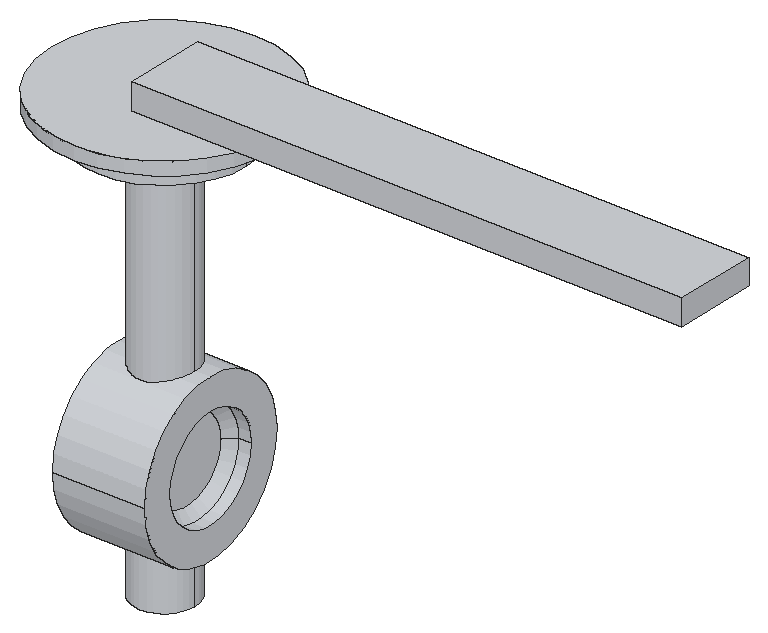
Revit family "2da51640d4324a88b30f3cc8be8ed066", category Pipe Accessories, Revit 2021
Family settings
  Round Connector Dimension = Use Radius
  Part Type = Valve - Breaks Into
  OmniClass Number = 23.65.55.14.17
  OmniClass Title = Adjusting/Controlling Valves for Liquid Services
  Seek Item ID = Butterfly Valve - 2-12 Inch-0000-USA-ENU
  Work Plane-Based = No
  Always vertical = Yes
  Cut with Voids When Loaded = No
  Shared = No
Parameters (values of type "2"")
  Width 3 = Width 1 / 2  # 0' - 0.89004"
  Width 2 = 0.38 * Bonnet Diameter  # 0' - 0.45095"
  Width 1 = 1.5 * Bonnet Diameter  # 0' - 1.78008"
  Valve Material = none
  Stem Radius = 0.73 * Hand Wheel Radius  # 0' - 1.59687"
  Stem Diameter = Stem Radius * 2  # 0' - 3.19375"
  Radius 1 = Nominal Radius - 0' 0 51/256"  # 0' - 0 205/256"
  Pipe Radius = 1.6 * Nominal Radius  # 0' - 1.6"
  Pipe Diameter = Pipe Radius * 2  # 0' - 3.2"
  Overall Height = 0' - 9 1/4"
  Nominal Radius = 1"
  Nominal Diameter = Nominal Radius * 2  # 2"
  Lever Width 1 = Lever Width / 2  # 0' - 0.80068"
  Lever Width = 0.15 * Lever Length  # 0' - 1.60137"
  Lever Material = none
  Lever Length = 0' - 10 173/256"
  Length = tan(30.00°) * Width 1 / 2  # 0' - 0.51386"
  K Coefficient = 3.48
  Hole Radius = 0' - 0 1/16"
  Hole Distance = 0' - 4 3/8"
  Hole Diameter = Hole Radius * 2  # 0' - 0 1/8"
  Hand Wheel Radius = 0' - 2 3/16"
  Hand Wheel Diameter = Hand Wheel Radius * 2  # 0' - 4 3/8"
  Fixation Equipment Thickness = 0.1 * Nominal Diameter  # 0' - 0.2"
  Fixation Equipment Length = 0.25 * Nominal Diameter  # 0' - 0 1/2"
  Fixation Equipment Height = 0.66 * Nominal Diameter  # 0' - 1.32"
  Default Elevation = 0' - 0"
  Connector Height = 0' - 2 1/2"
  Bonnet Radius = 0.35 * Body Length  # 0' - 0.59336"
  Bonnet Diameter = Bonnet Radius * 2  # 0' - 1.18672"
  Body Length = 0' - 1 89/128"
Types (10): name | Width 3 | Width 2 | Width 1 | Stem Radius | Stem Diameter | Radius 1 | Pipe Radius | Pipe Diameter | Overall Height | Nominal Radius | Nominal Diameter | Lever Width 1 | Lever Width | Lever Length | Length | K Coefficient | Hole Radius | Hole Distance | Hole Diameter | Hand Wheel Radius | Hand Wheel Diameter | Fixation Equipment Thickness | Fixation Equipment Length | Fixation Equipment Height | Connector Height | Bonnet Radius | Bonnet Diameter | Body Length
  (no name) | 0' - 0.89004" | 0' - 0.45095" | 0' - 1.78008" | 0' - 1.59687" | 0' - 3.19375" | 0' - 0 205/256" | 0' - 1.6" | 0' - 3.2" | 0' - 9 1/4" | 1" | 2" | 0' - 0.80068" | 0' - 1.60137" | 0' - 10 173/256" | 0' - 0.51386" | 3.48 | 0' - 0 1/16" | 0' - 4 3/8" | 0' - 0 1/8" | 0' - 2 3/16" | 0' - 4 3/8" | 0' - 0.2" | 0' - 0 1/2" | 0' - 1.32" | 0' - 2 1/2" | 0' - 0.59336" | 0' - 1.18672" | 0' - 1 89/128"
  2" | 0' - 0.89004" | 0' - 0.45095" | 0' - 1.78008" | 0' - 1.59687" | 0' - 3.19375" | 0' - 0 205/256" | 0' - 1.6" | 0' - 3.2" | 0' - 9 1/4" | 1" | 2" | 0' - 0.80068" | 0' - 1.60137" | 0' - 10 173/256" | 0' - 0.51386" | 3.48 | 0' - 0 1/16" | 0' - 4 3/8" | 0' - 0 1/8" | 0' - 2 3/16" | 0' - 4 3/8" | 0' - 0.2" | 0' - 0 1/2" | 0' - 1.32" | 0' - 2 1/2" | 0' - 0.59336" | 0' - 1.18672" | 0' - 1 89/128"
  2 1/2" | 0' - 0.95156" | 0' - 0.48212" | 0' - 1.90312" | 0' - 1.59687" | 0' - 3.19375" | 0' - 1 13/256" | 0' - 2" | 0' - 4" | 0' - 10" | 1 1/4" | 2 1/2" | 0' - 0.80156" | 0' - 1.60312" | 0' - 10 11/16" | 0' - 0.54938" | 3.62 | 0' - 0 1/16" | 0' - 5 1/8" | 0' - 0 1/8" | 0' - 2 3/16" | 0' - 4 3/8" | 0' - 0 1/4" | 0' - 0 5/8" | 0' - 1.65" | 0' - 2 3/4" | 0' - 0.63437" | 0' - 1.26875" | 0' - 1 13/16"
  3 1/2" | 0' - 0.88594" | 0' - 0.44888" | 0' - 1.77187" | 0' - 1.59687" | 0' - 3.19375" | 0' - 1 141/256" | 0' - 2.8" | 0' - 5.6" | 0' - 11" | 1 3/4" | 3 1/2" | 0' - 0.80156" | 0' - 1.60312" | 0' - 10 11/16" | 0' - 0.5115" | 4.62 | 0' - 0 3/32" | 0' - 6" | 0' - 0 3/16" | 0' - 2 3/16" | 0' - 4 3/8" | 0' - 0.35" | 0' - 0 7/8" | 0' - 2.31" | 0' - 3 1/4" | 0' - 0.59062" | 0' - 1.18125" | 0' - 1 11/16"
  4" | 0' - 1.08281" | 0' - 0.54862" | 0' - 2.16562" | 0' - 1.59687" | 0' - 3.19375" | 0' - 1 205/256" | 0' - 3.2" | 0' - 6.4" | 1' - 0 5/8" | 2" | 4" | 0' - 0.80156" | 0' - 1.60312" | 0' - 10 11/16" | 0' - 0.62516" | 4.31 | 0' - 0 3/32" | 0' - 6 5/8" | 0' - 0 3/16" | 0' - 2 3/16" | 0' - 4 3/8" | 0' - 0.4" | 0' - 1" | 0' - 2.64" | 0' - 4 1/8" | 0' - 0.72187" | 0' - 1.44375" | 0' - 2 1/16"
  5" | 0' - 1.1833" | 0' - 0.59954" | 0' - 2.3666" | 0' - 1.59687" | 0' - 3.19375" | 0' - 2 77/256" | 0' - 4" | 0' - 8" | 1' - 1 3/8" | 2 1/2" | 5" | 0' - 0.91875" | 0' - 1.8375" | 1' - 0 1/4" | 0' - 0.68318" | 3.62 | 0' - 0 3/16" | 0' - 8" | 0' - 0 3/8" | 0' - 2 3/16" | 0' - 4 3/8" | 0' - 0 1/2" | 0' - 1 1/4" | 0' - 3.3" | 0' - 4 3/8" | 0' - 0.78887" | 0' - 1.57773" | 0' - 2 65/256"
  6" | 0' - 1.18125" | 0' - 0.5985" | 0' - 2.3625" | 0' - 1.59687" | 0' - 3.19375" | 0' - 2 205/256" | 0' - 4.8" | 0' - 9.6" | 1' - 2 7/8" | 3" | 6" | 0' - 0.91875" | 0' - 1.8375" | 1' - 0 1/4" | 0' - 0.682" | 3.15 | 0' - 0 3/16" | 0' - 9" | 0' - 0 3/8" | 0' - 2 3/16" | 0' - 4 3/8" | 0' - 0.6" | 0' - 1 1/2" | 0' - 3.96" | 0' - 5 3/8" | 0' - 0.7875" | 0' - 1.575" | 0' - 2 1/4"
  8" | 0' - 1.18125" | 0' - 0.5985" | 0' - 2.3625" | 0' - 2.19" | 0' - 4.38" | 0' - 3 205/256" | 0' - 6.4" | 1' - 0.8" | 1' - 5 1/8" | 4" | 8" | 0' - 1.04531" | 0' - 2.09062" | 1' - 1 15/16" | 0' - 0.682" | 2.52 | 0' - 0 3/16" | 0' - 11 1/8" | 0' - 0 3/8" | 0' - 3" | 0' - 6" | 0' - 0.8" | 0' - 2" | 0' - 5.28" | 0' - 6 9/16" | 0' - 0.7875" | 0' - 1.575" | 0' - 2 1/4"
  10" | 0' - 1.37812" | 0' - 0.69825" | 0' - 2.75625" | 0' - 2.19" | 0' - 4.38" | 0' - 4 205/256" | 0' - 8" | 1' - 4" | 1' - 7 15/16" | 5" | 10" | 0' - 1.04531" | 0' - 2.09062" | 1' - 1 15/16" | 0' - 0.79566" | 2.12 | 0' - 0 1/4" | 1' - 1 1/4" | 0' - 0 1/2" | 0' - 3" | 0' - 6" | 0' - 1" | 0' - 2 1/2" | 0' - 6.6" | 0' - 8 1/4" | 0' - 0.91875" | 0' - 1.8375" | 0' - 2 5/8"
  12" | 0' - 1.60781" | 0' - 0.81462" | 0' - 3.21562" | 0' - 2.19" | 0' - 4.38" | 0' - 5 205/256" | 0' - 9.6" | 1' - 7.2" | 1' - 10 5/8" | 6" | 12" | 0' - 1.14375" | 0' - 2.2875" | 1' - 3 1/4" | 0' - 0.92827" | 1.85 | 0' - 0 1/4" | 1' - 3 5/8" | 0' - 0 1/2" | 0' - 3" | 0' - 6" | 0' - 1.2" | 0' - 3" | 0' - 7.92" | 0' - 9 1/4" | 0' - 1.07187" | 0' - 2.14375" | 0' - 3 1/16"
Reference planes (in)
  plane 1 "Center (Front/Back)": y = 0
  plane 2: z = 0
  plane 3 "Center (Left/Right)": x = 0
  plane 4: x = -0.89004
  plane 5: x = 0.89004
  plane 6: x = -0.43909
  plane 7: x = 0.43909
  plane 8: x = -0.62659
  plane 9: x = 0.62659
  plane 10: z = -2.5
  plane 11: z = 6.75
  plane 12: z = 6.25
  plane 13: z = 6
  plane 14: z = 5.5
  plane 15: y = 0.80068
  plane 16: y = -0.80068
  plane 17: x = 10.67578
  plane 18: y = 0.51386
  plane 19: y = -0.51386
Forms (in)
  Extrusion 1, solid, material <- "Valve Material", detail levels fine
    sketch origin (0, 0, 0) x (0, 1, 0) y (0, 0, 1)
      loop
        circle (0, 0) r 1.6
    from -0.89004 to 0.89004
  Extrusion 2, solid, material <- "Valve Material", detail levels fine
    sketch origin (0, 0, 0) x (1, 0, 0) y (0, 1, 0)
      loop
        circle (0, 0) r 0.59336
    from -2.5 to 5.5
  Extrusion 3, solid, material <- "Valve Material", detail levels fine
    sketch origin (0, 0, 0) x (1, 0, 0) y (0, 1, 0)
      loop
        circle (0, 0) r 1.59687
    from 6 to 5.5
  Extrusion 4, solid, material <- "Valve Material", detail levels fine
    sketch origin (0, 0, 0) x (1, 0, 0) y (0, 1, 0)
      loop
        circle (0, 0) r 2.1875
    from 6.25 to 6
  Extrusion 5, solid, material <- "Lever Material", detail levels fine
    sketch origin (0, 0, 0) x (1, 0, 0) y (0, 1, 0)
      loop
        line (0, 0.80068) -> (0, -0.80068) -> (10.67578, -0.80068) -> (10.67578, 0.80068) -> (0, 0.80068)
    from 6.25 to 6.75
  Blend 6, void
    base sketch origin (0, 0, 0) x (0, 1, 0) y (0, 0, 1)
      loop
        circle (0, 0) r 0.80078
    top sketch origin (0, 0, 0) x (0, 1, 0) y (0, 0, 1)
      loop
        circle (0, 0) r 1
    from 0.43909 to 0.62659
  Extrusion 7, void
    sketch origin (0, 0, 0) x (0, 1, 0) y (0, 0, 1)
      loop
        circle (0, 0) r 1
    from 0.62659 to 0.89004
  Blend 8, void
    base sketch origin (0, 0, 0) x (0, 1, 0) y (0, 0, 1)
      loop
        circle (0, 0) r 0.80078
    top sketch origin (0, 0, 0) x (0, 1, 0) y (0, 0, 1)
      loop
        circle (0, 0) r 1
    from -0.43909 to -0.62659
  Extrusion 9, void
    sketch origin (0, 0, 0) x (0, 1, 0) y (0, 0, 1)
      loop
        circle (0, 0) r 1
    from -0.62659 to -0.89004
Cuts and joins
  Blend 6, Extrusion 7, Blend 8, Extrusion 9 cuts Extrusion 1
  Blend 6, Extrusion 7, Blend 8, Extrusion 9 cuts Extrusion 2
  Blend 6, Extrusion 7, Blend 8, Extrusion 9 cuts Extrusion 3
  Blend 6, Extrusion 7, Blend 8, Extrusion 9 cuts Extrusion 4
  joined: Extrusion 1, Extrusion 2, Extrusion 3, Extrusion 4
  Blend 6, Extrusion 7, Blend 8, Extrusion 9 cuts Extrusion 5
Lines and regions (in)
  model lines, detail levels coarse+medium
    curve 1: line (-0.89004, -0.51386, 0) -> (-0.89004, 0.51386, 0)
    curve 2: line (-0.89004, 0.51386, 0) -> (0.89004, -0.51386, 0)
    curve 3: line (0.89004, -0.51386, 0) -> (0.89004, 0.51386, 0)
    curve 4: circle (0, 0, 0) r 0.59336 normal (0, 0, 1)
Dimensions and locks (in)
  "Width 3": plane 4 to plane 3 "Center (Left/Right)"
  "Width 3": plane 3 "Center (Left/Right)" to plane 5
  "Width 2": plane 7 to plane 5
  "Width 2": plane 4 to plane 6
  locked: plane 7 to plane 9 at 0.1875
  locked: plane 8 to plane 6 at 0.1875
  "Connector Height": plane 2 to plane 10
  "Overall Height": plane 11 to plane 10
  locked: plane 11 to plane 12 at 0.5
  locked: plane 12 to plane 13 at 0.25
  locked: plane 13 to plane 14 at 0.5
  "Lever Length": plane 3 "Center (Left/Right)" to plane 17
  "Lever Width 1": plane 16 to plane 1 "Center (Front/Back)"
  "Lever Width 1": plane 15 to plane 1 "Center (Front/Back)"
  "Length": plane 18 to plane 1 "Center (Front/Back)"
  "Length": plane 1 "Center (Front/Back)" to plane 19
  "Pipe Radius": radius of Extrusion 1 sketch curve
  "Bonnet Radius": radius of Extrusion 2 sketch curve
  "Stem Radius": radius of Extrusion 3 sketch curve
  "Hand Wheel Radius": radius of Extrusion 4 sketch curve
  "Radius 1": radius of Blend 6 sketch curve
  "Nominal Radius": radius of Blend 6 sketch curve
  "Nominal Radius": radius of Extrusion 7 sketch curve
  "Radius 1": radius of Blend 8 sketch curve
  "Nominal Radius": radius of Blend 8 sketch curve
  "Nominal Radius": radius of Extrusion 9 sketch curve
  "Bonnet Radius": radius of curve 4
  aligned and locked: plane 1 "Center (Front/Back)" to Extrusion 1 sketch curve
  aligned and locked: plane 2 to Extrusion 1 sketch curve
  aligned and locked: Extrusion 1 to plane 4
  aligned and locked: plane 5 to Extrusion 1
  aligned and locked: plane 3 "Center (Left/Right)" to Extrusion 2 sketch curve
  aligned and locked: plane 1 "Center (Front/Back)" to Extrusion 2 sketch curve
  aligned and locked: Extrusion 2 to plane 10
  aligned and locked: plane 14 to Extrusion 2
  aligned and locked: plane 3 "Center (Left/Right)" to Extrusion 3 sketch curve
  aligned and locked: plane 1 "Center (Front/Back)" to Extrusion 3 sketch curve
  aligned and locked: plane 3 "Center (Left/Right)" to Extrusion 4 sketch curve
  aligned and locked: plane 1 "Center (Front/Back)" to Extrusion 4 sketch curve
  aligned and locked: plane 13 to Extrusion 3
  aligned and locked: plane 12 to Extrusion 4
  aligned and locked: plane 13 to Extrusion 4
  aligned and locked: Extrusion 3 to plane 14
  aligned and locked: plane 3 "Center (Left/Right)" to Extrusion 5 sketch curve
  aligned and locked: Extrusion 5 sketch curve to plane 15
  aligned and locked: plane 16 to Extrusion 5 sketch curve
  aligned and locked: Extrusion 5 sketch curve to plane 17
  aligned and locked: Extrusion 5 to plane 12
  aligned and locked: plane 11 to Extrusion 5
  aligned and locked: plane 1 "Center (Front/Back)" to Blend 6 sketch curve  (x2)
  aligned and locked: plane 2 to Blend 6 sketch curve  (x2)
  aligned and locked: plane 9 to Blend 6
  aligned and locked: Blend 6 to plane 7
  aligned and locked: plane 1 "Center (Front/Back)" to Extrusion 7 sketch curve
  aligned and locked: plane 2 to Extrusion 7 sketch curve
  aligned and locked: Extrusion 7 to plane 9
  aligned and locked: plane 5 to Extrusion 7
  aligned and locked: plane 1 "Center (Front/Back)" to Blend 8 sketch curve  (x2)
  aligned and locked: plane 2 to Blend 8 sketch curve  (x2)
  aligned and locked: Blend 8 to plane 8
  aligned and locked: plane 6 to Blend 8
  aligned and locked: plane 1 "Center (Front/Back)" to Extrusion 9 sketch curve
  aligned and locked: plane 2 to Extrusion 9 sketch curve
  aligned and locked: Extrusion 9 to plane 4
  aligned and locked: plane 8 to Extrusion 9
  aligned and locked: plane 3 "Center (Left/Right)" to nested 1
  aligned and locked: plane 1 "Center (Front/Back)" to nested 1
  aligned and locked: plane 3 "Center (Left/Right)" to curve 4
  aligned and locked: plane 1 "Center (Front/Back)" to curve 4
Automatic sketch dimensions
  curve 1 to plane 4 = 0' - 0"
  curve 3 to plane 5 = 0' - 0"
  curve 2 to plane 19 = 0' - 0"
  curve 1 to plane 19 = 0' - 0"
  curve 3 to plane 18 = 0' - 0"
  curve 2 to plane 18 = 0' - 0"
Nested families (in)
  nested 1: "Butterfly Valve - 2-12 Inch Detail Component" at (0, 0, 0), type "Butterfly Valve - 2-12 Inch Detail Component", detail levels coarse+medium
Connectors (in)
  piping at (-0.89004, 0, 0), diameter 2, driven by "Nominal Radius"
    settings: on Extrusion 1, index 1, connector inside diameter 2", connector length 0' - 0", flow factor 0, pipe flow 0 GPM, pressure drop 0.00 psi, fitting loss kfactor 0, connector angle 0.00°, fixture units 0, engagement length 0' - 0", angle of deflection 0.00°, flow configuration 0, flow direction 0, fitting loss method 2, system type 29, joint type 0, gender type 0, connector reference index 2, connector utility 0, adjustable connector no, is connector primary yes, connector description ""
  piping at (0.89004, 0, 0), diameter 2, driven by "K Coefficient", driven by "Nominal Radius"
    settings: on Extrusion 1, index 2, connector inside diameter 2", connector length 0' - 0", flow factor 0, pipe flow 0 GPM, pressure drop 0.00 psi, fitting loss kfactor 3.48, connector angle 0.00°, fixture units 0, engagement length 0' - 0", angle of deflection 0.00°, flow configuration 0, flow direction 0, fitting loss method 2, system type 29, joint type 0, gender type 0, connector reference index 1, connector utility 0, adjustable connector no, is connector primary no, connector description ""
Definition of nested family "Butterfly Valve - 2-12 Inch Detail Component"
  Parameters
    Radius = 2' - 1"
  Reference planes (in)
    plane 1 "Center (Front/Back)": y = 0
    plane 2: z = 0
    plane 3 "Center (Left/Right)": x = 0
  Lines and regions (in)
    Filled region 1, type "Concrete Block", in view "Ref. Level"
      outline origin (0, 0, 0) x (1, 0, 0) y (0, 1, 0)
        loop
          circle (0, 0) r 25
  Dimensions and locks (in)
    "Radius": radius of Filled region 1 sketch curve
    aligned and locked: plane 3 "Center (Left/Right)" to Filled region 1 sketch curve
    aligned and locked: plane 1 "Center (Front/Back)" to Filled region 1 sketch curve
